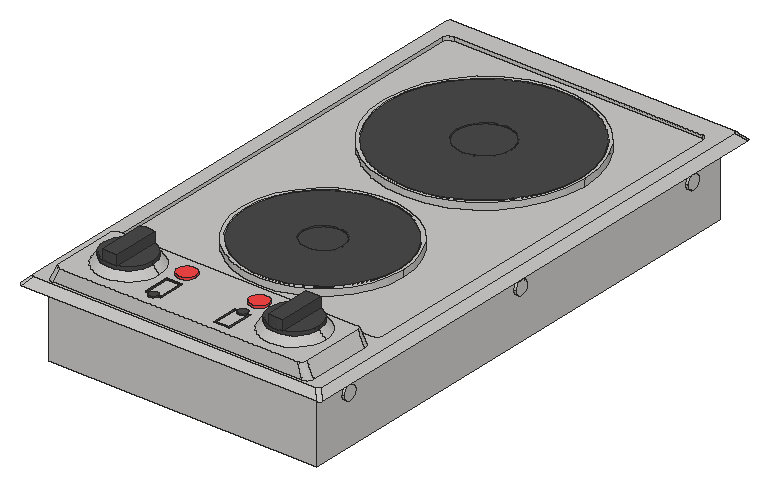
Revit family "QF_Summit_CSD2B115_Electric Cooktop", category Specialty Equipment, Revit 2020
Family settings
  Round Connector Dimension = Use Diameter
  Part Type = Normal
  Work Plane-Based = No
  Always vertical = Yes
  Cut with Voids When Loaded = No
  Shared = No
  Room Calculation Point = No
Parameters
  Weight in Pounds = 13
  Watts = Volts * FL Amps  # 1437.5 W
  Volts = 115 V
  URL Cutsheet = ""
  Specification by User = ""
  Specification by Manufacturer = ""
  Serial Number = ""
  Seismic Rating = ""
  SMACNA No = ""
  Revision Code = ""
  Phase = 1
  Number of Poles = 1
  NAFEM Spec ID Number = ""
  Model = "CSD2B115"
  Min Ckt Ampacity = 0 A
  Max Overcurrent Protection = 0 A
  Masterspec = ""
  Manufacturer = "Summit"
  Length = 11 1/4"
  Item Number = ""
  Installed By = ""
  Identify Quantity as Lot = yes
  Height = 4 1/8"
  HP = ""
  Furnished By = ""
  Foodservice Equipment Identifier = yes
  FL Amps = 12.5 A
  Electrical Remarks = ""
  Electric Connection Type = ""
  Elec Conn RI Height = 0"
  Elec Conn Connection Height = 0"
  Description = "Electric Cooktop"
  Depth = 20"
  Default Elevation = 0"
  Cycle = 60 Hz
  Conn Plug = ""
  Conn Conduit = yes
  CSI MasterFormat = ""
  Apparent Power = if(Phase = 3, Volts * FL Amps * 1.73, Volts * FL Amps)  # 1437.5 VA
Reference planes (in)
  plane 1 "BACK": y = 0
  plane 2: z = 0
  plane 3 "LEFT": x = 0
  plane 4 "RIGHT": x = 11.25
  plane 5 "FRONT": y = -20
  plane 6 "TOP": z = 4.125
  plane 7 "Center Y": x = 5.625
  plane 8 "Center X": y = -10
  plane 9: y = -0.625
  plane 10: y = -19.375
  plane 11: x = 11.25
  plane 12: x = 2.80748
  plane 13: x = 10.625
  plane 14: x = 0.625
  plane 15: x = 1.83357
  plane 16: x = 9.41643
  plane 17: z = 2.625
Forms (in)
  Extrusion 1, void
    sketch origin (-38.39759, -180, 2.875) x (-1, 0, 0) y (0, -1, 0)
      loop
        arc (-39.14759, -163.875) -> (-39.22082, -163.69822) -> (-39.39759, -163.625) r 0.25
        line (-39.39759, -163.625) -> (-48.64759, -163.625)
        arc (-48.64759, -163.625) -> (-48.82437, -163.69822) -> (-48.89759, -163.875) r 0.25
        line (-48.89759, -163.875) -> (-48.89759, -178.75)
        arc (-48.89759, -178.75) -> (-48.82437, -178.92678) -> (-48.64759, -179) r 0.25
        line (-48.64759, -179) -> (-39.39759, -179)
        arc (-39.39759, -179) -> (-39.22082, -178.92678) -> (-39.14759, -178.75) r 0.25
        line (-39.14759, -178.75) -> (-39.14759, -163.875)
    from 0 to -0.125
  Extrusion 2, solid, material "QF_Plastic_Black_Smooth"
    sketch origin (-38.39759, -180, 3.625) x (-1, 0, 0) y (0, -1, 0)
      loop
        circle (-40.92855, -161.9508) r 0.90881
    from 0 to 0.125
  Extrusion 3, solid, material "QF_Plastic_Black_Smooth"
    sketch origin (-38.39759, -180, 3.75) x (-1, 0, 0) y (0, -1, 0)
      loop
        line (-40.65528, -162.81756) -> (-40.65528, -161.08405)
        arc (-40.65528, -161.08405) -> (-40.92855, -161.04199) -> (-41.20182, -161.08405) r 0.90881
        line (-41.20182, -161.08405) -> (-41.20182, -162.81756)
        arc (-41.20182, -162.81756) -> (-40.92855, -162.85962) -> (-40.65528, -162.81756) r 0.90881
    from 0 to 0.375
  Extrusion 4, solid, material "QF_Metal_Stainless_Polished"
    sketch origin (-38.39759, -180, 2.75) x (-1, 0, 0) y (0, -1, 0)
      loop
        circle (-44.02259, -174.64564) r 3.75
      loop
        circle (-44.02259, -167.13475) r 3
      loop
        circle (-44.02259, -174.64564) r 3.625
      loop
        circle (-44.02259, -167.13475) r 2.875
    from 0 to 0.25
  Extrusion 5, solid, material "QF_Metal_Stainless_Polished"
    sketch origin (-5.14279, -0.625, 48.125) x (-1, 0, 0) y (0, 0, 1)
      loop
        circle (-13.41482, -46.96116) r 0.18801
    from 0 to 0.0625
  Blend 6, solid, material "QF_Metal_Stainless_Polished"
    base sketch origin (-38.39759, -180, 2.625) x (-1, 0, 0) y (0, -1, 0)
      loop
        line (-38.39759, -179.875) -> (-38.39759, -160.125)
        arc (-38.39759, -160.125) -> (-38.4342, -160.03661) -> (-38.52259, -160) r 0.125
        line (-38.52259, -160) -> (-49.52259, -160)
        arc (-49.52259, -160) -> (-49.61098, -160.03661) -> (-49.64759, -160.125) r 0.125
        line (-49.64759, -160.125) -> (-49.64759, -179.875)
        arc (-49.64759, -179.875) -> (-49.61098, -179.96339) -> (-49.52259, -180) r 0.125
        line (-49.52259, -180) -> (-38.52259, -180)
        arc (-38.52259, -180) -> (-38.4342, -179.96339) -> (-38.39759, -179.875) r 0.125
    top sketch origin (-38.39759, -180, 2.625) x (-1, 0, 0) y (0, -1, 0)
      loop
        line (-38.77259, -160.25) -> (-49.27259, -160.25)
        arc (-49.27259, -160.25) -> (-49.36098, -160.28661) -> (-49.39759, -160.375) r 0.125
        line (-49.39759, -160.375) -> (-49.39759, -179.625)
        arc (-49.39759, -179.625) -> (-49.36098, -179.71339) -> (-49.27259, -179.75) r 0.125
        line (-49.27259, -179.75) -> (-38.77259, -179.75)
        arc (-38.77259, -179.75) -> (-38.6842, -179.71339) -> (-38.64759, -179.625) r 0.125
        line (-38.64759, -179.625) -> (-38.64759, -160.375)
        arc (-38.64759, -160.375) -> (-38.6842, -160.28661) -> (-38.77259, -160.25) r 0.125
    from 0 to 0.25
  Blend 7, solid, material "QF_Metal_Stainless_Polished"
    base sketch origin (-38.39759, -180, 2.875) x (-1, 0, 0) y (0, -1, 0)
      loop
        line (-39.39759, -160.375) -> (-48.64759, -160.375)
        arc (-48.64759, -160.375) -> (-48.82437, -160.44822) -> (-48.89759, -160.625) r 0.25
        line (-48.89759, -160.625) -> (-48.89759, -163)
        arc (-48.89759, -163) -> (-48.82437, -163.17678) -> (-48.64759, -163.25) r 0.25
        line (-48.64759, -163.25) -> (-39.39759, -163.25)
        arc (-39.39759, -163.25) -> (-39.22082, -163.17678) -> (-39.14759, -163) r 0.25
        line (-39.14759, -163) -> (-39.14759, -160.625)
        arc (-39.14759, -160.625) -> (-39.22082, -160.44822) -> (-39.39759, -160.375) r 0.25
    top sketch origin (-38.39759, -180, 2.875) x (-1, 0, 0) y (0, -1, 0)
      loop
        line (-39.39759, -163) -> (-39.39759, -160.625)
        arc (-39.39759, -160.625) -> (-39.45251, -160.49242) -> (-39.58509, -160.4375) r 0.1875
        line (-39.58509, -160.4375) -> (-48.46009, -160.4375)
        arc (-48.46009, -160.4375) -> (-48.59268, -160.49242) -> (-48.64759, -160.625) r 0.1875
        line (-48.64759, -160.625) -> (-48.64759, -163)
        arc (-48.64759, -163) -> (-48.59268, -163.13258) -> (-48.46009, -163.1875) r 0.1875
        line (-48.46009, -163.1875) -> (-39.58509, -163.1875)
        arc (-39.58509, -163.1875) -> (-39.45251, -163.13258) -> (-39.39759, -163) r 0.1875
    from 0 to 0.5
  Blend 8, solid, material "QF_Metal_Stainless_Polished"
    base sketch origin (-38.39759, -180, 3.375) x (-1, 0, 0) y (0, -1, 0)
      loop
        circle (-40.92855, -161.9508) r 1.14914
    top sketch origin (-38.39759, -180, 3.375) x (-1, 0, 0) y (0, -1, 0)
      loop
        circle (-40.92855, -161.9508) r 0.90881
    from 0 to 0.25
  Extrusion 9, solid, material "QF_Plastic_Red_Smooth"
    sketch origin (-38.39759, -180, 3.375) x (-1, 0, 0) y (0, -1, 0)
      loop
        circle (-42.66909, -162.48957) r 0.3425
      loop
        circle (-45.3761, -162.48957) r 0.3425
    from 0 to 0.0625
  Extrusion 10, solid, material "QF_Plastic_Black_Smooth"
    sketch origin (-38.39759, -180, 3.375) x (-1, 0, 0) y (0, -1, 0)
      loop
        line (-42.40347, -161.90233) -> (-42.40347, -160.92437) -> (-42.51988, -160.92437)
        arc (-42.51988, -160.92437) -> (-42.68535, -160.7589) -> (-42.85082, -160.92437) r 0.16547
        line (-42.85082, -160.92437) -> (-42.96723, -160.92437) -> (-42.96723, -161.90233) -> (-42.40347, -161.90233)
      loop
        line (-42.43472, -160.95562) -> (-42.52286, -160.95562)
        arc (-42.52286, -160.95562) -> (-42.68535, -161.08983) -> (-42.84784, -160.95562) r 0.16547
        line (-42.84784, -160.95562) -> (-42.93598, -160.95562) -> (-42.93598, -161.87108) -> (-42.43472, -161.87108) -> (-42.43472, -160.95562)
      loop
        line (-45.07795, -160.7589) -> (-45.64172, -160.7589) -> (-45.64172, -161.73687) -> (-45.5253, -161.73687)
        arc (-45.5253, -161.73687) -> (-45.35983, -161.90233) -> (-45.19437, -161.73687) r 0.16547
        line (-45.19437, -161.73687) -> (-45.07795, -161.73687) -> (-45.07795, -160.7589)
      loop
        line (-45.1092, -161.70562) -> (-45.1092, -160.79015) -> (-45.61047, -160.79015) -> (-45.61047, -161.70562) -> (-45.52232, -161.70562)
        arc (-45.52232, -161.70562) -> (-45.35983, -161.5714) -> (-45.19735, -161.70562) r 0.16547
        line (-45.19735, -161.70562) -> (-45.1092, -161.70562)
    from 0 to 0.01563
  Extrusion 11, solid, material "QF_Plastic_Black_Smooth"
    sketch origin (49.64759, -180, 3.625) x (1, 0, 0) y (0, 1, 0)
      loop
        circle (-40.92855, 161.9508) r 0.90881
    from 0 to 0.125
  Extrusion 12, solid, material "QF_Plastic_Black_Smooth"
    sketch origin (49.64759, -180, 3.75) x (1, 0, 0) y (0, 1, 0)
      loop
        arc (-40.65528, 162.81756) -> (-40.92855, 162.85962) -> (-41.20182, 162.81756) r 0.90881
        line (-41.20182, 162.81756) -> (-41.20182, 161.08405)
        arc (-41.20182, 161.08405) -> (-40.92855, 161.04199) -> (-40.65528, 161.08405) r 0.90881
        line (-40.65528, 161.08405) -> (-40.65528, 162.81756)
    from 0 to 0.375
  Blend 13, solid, material "QF_Metal_Stainless_Polished"
    base sketch origin (49.64759, -180, 3.375) x (1, 0, 0) y (0, 1, 0)
      loop
        circle (-40.92855, 161.9508) r 1.14914
    top sketch origin (49.64759, -180, 3.375) x (1, 0, 0) y (0, 1, 0)
      loop
        circle (-40.92855, 161.9508) r 0.90881
    from 0 to 0.25
  Extrusion 14, solid, material "QF_Metal_Stainless_Polished"
    sketch origin (-38.39759, -180, 2.625) x (-1, 0, 0) y (0, -1, 0)
      loop
        line (-39.02259, -160.625) -> (-49.02259, -160.625) -> (-49.02259, -179.375) -> (-39.02259, -179.375) -> (-39.02259, -160.625)
    from 0 to -2.625
  Extrusion 15, solid, material "QF_Plastic_Black_Smooth"
    sketch origin (-38.39759, -180, 2.75) x (-1, 0, 0) y (0, -1, 0)
      loop
        circle (-44.02259, -174.64564) r 3.625
      loop
        circle (-44.02259, -167.13475) r 2.875
      loop
        circle (-44.02259, -174.64564) r 1
      loop
        circle (-44.02259, -167.13475) r 0.75
    from 0 to 0.25
  Extrusion 16, solid, material "QF_Plastic_Black_Smooth"
    sketch origin (-38.39759, -180, 2.75) x (-1, 0, 0) y (0, -1, 0)
      loop
        circle (-44.02259, -174.64564) r 1
      loop
        circle (-44.02259, -167.13475) r 0.75
    from 0 to 0.22698
  Extrusion 17, solid, material "QF_Metal_Stainless_Polished"
    sketch origin (0.625, -0.625, 2.625) x (0, -1, 0) y (0, 0, 1)
      loop
        circle (9.375, -0.72572) r 0.25
    from 0 to 0.125
  Extrusion 18, solid, material "QF_Metal_Stainless_Polished"
    sketch origin (0.625, -0.625, 2.625) x (0, -1, 0) y (0, 0, 1)
      loop
        circle (1.375, -0.72572) r 0.25
    from 0 to 0.125
  Extrusion 19, solid, material "QF_Metal_Stainless_Polished"
    sketch origin (0.625, -19.375, 2.625) x (0, 1, 0) y (0, 0, -1)
      loop
        circle (1.375, 0.72572) r 0.25
    from 0 to 0.125
  Extrusion 20, solid, material "QF_Metal_Stainless_Polished"
    sketch origin (10.625, -0.625, 2.625) x (0, -1, 0) y (0, 0, -1)
      loop
        circle (9.375, 0.72572) r 0.25
    from 0 to 0.125
  Extrusion 21, solid, material "QF_Metal_Stainless_Polished"
    sketch origin (10.625, -0.625, 2.625) x (0, -1, 0) y (0, 0, -1)
      loop
        circle (1.375, 0.72572) r 0.25
    from 0 to 0.125
  Extrusion 22, solid, material "QF_Metal_Stainless_Polished"
    sketch origin (10.625, -19.375, 2.625) x (0, 1, 0) y (0, 0, 1)
      loop
        circle (1.375, -0.72572) r 0.25
    from 0 to 0.125
Cuts and joins
  Extrusion 1 cuts Blend 6
Lines and regions (in)
  symbolic lines
    curve 1: line (0, -19.875, 4.375) -> (0, -0.125, 4.375)
    curve 2: arc (0, -0.125, 4.375) -> (0.03661, -0.03661, 4.375) -> (0.125, 0, 4.375) r 0.125
    curve 3: line (0.125, 0, 4.375) -> (11.125, 0, 4.375)
    curve 4: arc (11.125, 0, 4.375) -> (11.21339, -0.03661, 4.375) -> (11.25, -0.125, 4.375) r 0.125
    curve 5: line (11.25, -0.125, 4.375) -> (11.25, -19.875, 4.375)
    curve 6: arc (11.25, -19.875, 4.375) -> (11.21339, -19.96339, 4.375) -> (11.125, -20, 4.375) r 0.125
    curve 7: line (11.125, -20, 4.375) -> (0.125, -20, 4.375)
    curve 8: arc (0.125, -20, 4.375) -> (0.03661, -19.96339, 4.375) -> (0, -19.875, 4.375) r 0.125
    curve 9: line (10.875, -0.25, 4.375) -> (0.375, -0.25, 4.375)
    curve 10: arc (0.375, -0.25, 4.375) -> (0.28661, -0.28661, 4.375) -> (0.25, -0.375, 4.375) r 0.125
    curve 11: line (0.25, -0.375, 4.375) -> (0.25, -19.625, 4.375)
    curve 12: arc (0.25, -19.625, 4.375) -> (0.28661, -19.71339, 4.375) -> (0.375, -19.75, 4.375) r 0.125
    curve 13: line (0.375, -19.75, 4.375) -> (10.875, -19.75, 4.375)
    curve 14: arc (10.875, -19.75, 4.375) -> (10.96339, -19.71339, 4.375) -> (11, -19.625, 4.375) r 0.125
    curve 15: line (11, -19.625, 4.375) -> (11, -0.375, 4.375)
    curve 16: arc (11, -0.375, 4.375) -> (10.96339, -0.28661, 4.375) -> (10.875, -0.25, 4.375) r 0.125
    curve 17: line (0.75, -19.375, 4.375) -> (0.75, -17, 4.375)
    curve 18: arc (0.75, -17, 4.375) -> (0.82322, -16.82322, 4.375) -> (1, -16.75, 4.375) r 0.25
    curve 19: line (1, -16.75, 4.375) -> (10.25, -16.75, 4.375)
    curve 20: arc (10.25, -16.75, 4.375) -> (10.42678, -16.82322, 4.375) -> (10.5, -17, 4.375) r 0.25
    curve 21: line (10.5, -17, 4.375) -> (10.5, -19.375, 4.375)
    curve 22: arc (10.5, -19.375, 4.375) -> (10.42678, -19.55178, 4.375) -> (10.25, -19.625, 4.375) r 0.25
    curve 23: line (10.25, -19.625, 4.375) -> (1, -19.625, 4.375)
    curve 24: arc (1, -19.625, 4.375) -> (0.82322, -19.55178, 4.375) -> (0.75, -19.375, 4.375) r 0.25
    curve 25: line (1, -17, 4.375) -> (1, -19.375, 4.375)
    curve 26: arc (1, -19.375, 4.375) -> (1.05492, -19.50758, 4.375) -> (1.1875, -19.5625, 4.375) r 0.1875
    curve 27: line (1.1875, -19.5625, 4.375) -> (10.0625, -19.5625, 4.375)
    curve 28: arc (10.0625, -19.5625, 4.375) -> (10.19508, -19.50758, 4.375) -> (10.25, -19.375, 4.375) r 0.1875
    curve 29: line (10.25, -19.375, 4.375) -> (10.25, -17, 4.375)
    curve 30: arc (10.25, -17, 4.375) -> (10.19508, -16.86742, 4.375) -> (10.0625, -16.8125, 4.375) r 0.1875
    curve 31: line (10.0625, -16.8125, 4.375) -> (1.1875, -16.8125, 4.375)
    curve 32: arc (1.1875, -16.8125, 4.375) -> (1.05492, -16.86742, 4.375) -> (1, -17, 4.375) r 0.1875
    curve 33: arc (1.38182, -18.0492, 4.375) -> (2.53096, -16.90006, 4.375) -> (3.6801, -18.0492, 4.375) r 1.14914
    curve 34: arc (3.6801, -18.0492, 4.375) -> (2.53096, -19.19833, 4.375) -> (1.38182, -18.0492, 4.375) r 1.14914
    curve 35: arc (1.62215, -18.0492, 4.375) -> (2.53096, -18.95801, 4.375) -> (3.43977, -18.0492, 4.375) r 0.90881
    curve 36: arc (3.43977, -18.0492, 4.375) -> (2.53096, -17.14038, 4.375) -> (1.62215, -18.0492, 4.375) r 0.90881
    curve 37: line (2.25769, -17.18244, 4.375) -> (2.25769, -18.91595, 4.375)
    curve 38: line (2.80423, -18.91595, 4.375) -> (2.80423, -17.18244, 4.375)
    curve 39: arc (4.61399, -17.51043, 4.375) -> (4.2715, -17.16793, 4.375) -> (3.929, -17.51043, 4.375) r 0.3425
    curve 40: arc (3.929, -17.51043, 4.375) -> (4.2715, -17.85292, 4.375) -> (4.61399, -17.51043, 4.375) r 0.3425
    curve 41: line (4.00587, -18.09767, 4.375) -> (4.00587, -19.07563, 4.375)
    curve 42: line (4.00587, -19.07563, 4.375) -> (4.12229, -19.07563, 4.375)
    curve 43: arc (4.12229, -19.07563, 4.375) -> (4.28776, -19.2411, 4.375) -> (4.45323, -19.07563, 4.375) r 0.16547
    curve 44: line (4.45323, -19.07563, 4.375) -> (4.56964, -19.07563, 4.375)
    curve 45: line (4.56964, -19.07563, 4.375) -> (4.56964, -18.09767, 4.375)
    curve 46: line (4.56964, -18.09767, 4.375) -> (4.00587, -18.09767, 4.375)
    curve 47: arc (4.45025, -19.04438, 4.375) -> (4.28776, -18.91017, 4.375) -> (4.12527, -19.04438, 4.375) r 0.16547
    curve 48: line (4.12527, -19.04438, 4.375) -> (4.03712, -19.04438, 4.375)
    curve 49: line (4.03712, -19.04438, 4.375) -> (4.03712, -18.12892, 4.375)
    curve 50: line (4.03712, -18.12892, 4.375) -> (4.53839, -18.12892, 4.375)
    curve 51: line (4.53839, -18.12892, 4.375) -> (4.53839, -19.04438, 4.375)
    curve 52: line (4.53839, -19.04438, 4.375) -> (4.45025, -19.04438, 4.375)
    curve 53: line (6.71161, -19.20985, 4.375) -> (6.71161, -18.29438, 4.375)
    curve 54: line (6.71161, -18.29438, 4.375) -> (6.79975, -18.29438, 4.375)
    curve 55: arc (6.79975, -18.29438, 4.375) -> (6.96224, -18.4286, 4.375) -> (7.12473, -18.29438, 4.375) r 0.16547
    curve 56: line (7.12473, -18.29438, 4.375) -> (7.21288, -18.29438, 4.375)
    curve 57: line (7.21288, -18.29438, 4.375) -> (7.21288, -19.20985, 4.375)
    curve 58: line (7.21288, -19.20985, 4.375) -> (6.71161, -19.20985, 4.375)
    curve 59: line (6.68036, -18.26313, 4.375) -> (6.68036, -19.2411, 4.375)
    curve 60: line (6.68036, -19.2411, 4.375) -> (7.24413, -19.2411, 4.375)
    curve 61: line (7.24413, -19.2411, 4.375) -> (7.24413, -18.26313, 4.375)
    curve 62: line (7.24413, -18.26313, 4.375) -> (7.12771, -18.26313, 4.375)
    curve 63: arc (7.12771, -18.26313, 4.375) -> (6.96224, -18.09767, 4.375) -> (6.79677, -18.26313, 4.375) r 0.16547
    curve 64: line (6.79677, -18.26313, 4.375) -> (6.68036, -18.26313, 4.375)
    curve 65: arc (6.63601, -17.51043, 4.375) -> (6.9785, -17.85292, 4.375) -> (7.321, -17.51043, 4.375) r 0.3425
    curve 66: arc (7.321, -17.51043, 4.375) -> (6.9785, -17.16793, 4.375) -> (6.63601, -17.51043, 4.375) r 0.3425
    curve 67: arc (7.5699, -18.0492, 4.375) -> (8.71904, -16.90006, 4.375) -> (9.86818, -18.0492, 4.375) r 1.14914
    curve 68: arc (9.86818, -18.0492, 4.375) -> (8.71904, -19.19833, 4.375) -> (7.5699, -18.0492, 4.375) r 1.14914
    curve 69: arc (7.81023, -18.0492, 4.375) -> (8.71904, -18.95801, 4.375) -> (9.62785, -18.0492, 4.375) r 0.90881
    curve 70: arc (9.62785, -18.0492, 4.375) -> (8.71904, -17.14038, 4.375) -> (7.81023, -18.0492, 4.375) r 0.90881
    curve 71: line (8.44577, -17.18244, 4.375) -> (8.44577, -18.91595, 4.375)
    curve 72: line (8.99231, -18.91595, 4.375) -> (8.99231, -17.18244, 4.375)
    curve 73: line (0.75, -1.25, 4.375) -> (0.75, -16.125, 4.375)
    curve 74: arc (0.75, -16.125, 4.375) -> (0.82322, -16.30178, 4.375) -> (1, -16.375, 4.375) r 0.25
    curve 75: line (1, -16.375, 4.375) -> (10.25, -16.375, 4.375)
    curve 76: arc (10.25, -16.375, 4.375) -> (10.42678, -16.30178, 4.375) -> (10.5, -16.125, 4.375) r 0.25
    curve 77: line (10.5, -16.125, 4.375) -> (10.5, -1.25, 4.375)
    curve 78: arc (10.5, -1.25, 4.375) -> (10.42678, -1.07322, 4.375) -> (10.25, -1, 4.375) r 0.25
    curve 79: line (10.25, -1, 4.375) -> (1, -1, 4.375)
    curve 80: arc (1, -1, 4.375) -> (0.82322, -1.07322, 4.375) -> (0.75, -1.25, 4.375) r 0.25
    curve 81: arc (9.375, -5.35436, 4.375) -> (5.625, -1.60436, 4.375) -> (1.875, -5.35436, 4.375) r 3.75
    curve 82: arc (9.25, -5.35436, 4.375) -> (5.625, -1.72936, 4.375) -> (2, -5.35436, 4.375) r 3.625
    curve 83: arc (1.875, -5.35436, 4.375) -> (5.625, -9.10436, 4.375) -> (9.375, -5.35436, 4.375) r 3.75
    curve 84: arc (2, -5.35436, 4.375) -> (5.625, -8.97936, 4.375) -> (9.25, -5.35436, 4.375) r 3.625
    curve 85: arc (8.625, -12.86525, 4.375) -> (5.625, -9.86525, 4.375) -> (2.625, -12.86525, 4.375) r 3
    curve 86: arc (8.5, -12.86525, 4.375) -> (5.625, -9.99025, 4.375) -> (2.75, -12.86525, 4.375) r 2.875
    curve 87: arc (2.75, -12.86525, 4.375) -> (5.625, -15.74025, 4.375) -> (8.5, -12.86525, 4.375) r 2.875
    curve 88: arc (2.625, -12.86525, 4.375) -> (5.625, -15.86525, 4.375) -> (8.625, -12.86525, 4.375) r 3
    curve 89: arc (6.375, -12.86525, 4.375) -> (5.625, -13.61525, 4.375) -> (4.875, -12.86525, 4.375) r 0.75
    curve 90: arc (4.875, -12.86525, 4.375) -> (5.625, -12.11525, 4.375) -> (6.375, -12.86525, 4.375) r 0.75
    curve 91: arc (4.625, -5.35436, 4.375) -> (5.625, -4.35436, 4.375) -> (6.625, -5.35436, 4.375) r 1
    curve 92: arc (6.625, -5.35436, 4.375) -> (5.625, -6.35436, 4.375) -> (4.625, -5.35436, 4.375) r 1
Dimensions and locks (in)
  equal spacing: plane 3 "LEFT", plane 7 "Center Y", plane 4 "RIGHT"
  "Length": plane 3 "LEFT" to plane 4 "RIGHT"
  equal spacing: plane 5 "FRONT", plane 8 "Center X", plane 1 "BACK"
  "Depth": plane 5 "FRONT" to plane 1 "BACK"
  "Height": plane 6 "TOP" to level
  plane 9 to plane 1 "BACK" = 5/8"
  plane 5 "FRONT" to plane 10 = 5/8"
  plane 9 to plane 10 = 18 3/4"
  plane 4 "RIGHT" to plane 3 "LEFT" = 11 1/4"
  plane 14 to plane 13 = 10"
  plane 17 to plane 2 = 2 5/8"
  plane 6 "TOP" to plane 17 = 1 1/2"
  Extrusion 19 to Extrusion 22 = 10 1/4"
  aligned and locked: level to plane 2
Automatic sketch dimensions
  curve 33 to curve 35 = 0"  (x3)
  curve 43 to curve 47 = 0"  (x2)
  curve 55 to curve 63 = 0"  (x3)
  curve 67 to curve 69 = 0"  (x2)
  curve 67 to curve 70 = 0"  (x2)
  curve 81 to curve 82 = 0"  (x2)
  curve 85 to curve 90 = 0"
  curve 86 to curve 88 = 0"
  curve 87 to curve 88 = 0"
  curve 88 to curve 90 = 0"
  curve 5 to plane 4 "RIGHT" = 0"
  plane 5 "FRONT" to curve 6 = 0"
  plane 1 "BACK" to curve 3 = 0"
  plane 10 to curve 21 = 0"
  plane 10 to curve 28 = 0"
  curve 90 to plane 7 "Center Y" = 0"
  plane 10 to curve 26 = 0"
  plane 10 to curve 24 = 0"
  curve 8 to plane 3 "LEFT" = 0"
  plane 4 "RIGHT" to curve 3 = 1/8"
  plane 4 "RIGHT" to curve 7 = 1/8"
  plane 4 "RIGHT" to curve 15 = 1/4"
  curve 16 to curve 9 = 1/8"
  curve 14 to curve 14 = 1/8"
  plane 13 to curve 21 = 1/8"
  plane 13 to curve 77 = 1/8"
  curve 78 to curve 78 = 1/4"
  curve 20 to curve 19 = 1/4"
  curve 29 to curve 20 = 0"
  curve 22 to curve 29 = 0"
  curve 77 to curve 76 = 1/4"
  curve 20 to curve 31 = 3/16"
  plane 10 to curve 27 = 3/16"
  curve 68 to plane 16 = 0.69739"
  curve 69 to curve 61 = 1.47492"
  curve 61 to curve 56 = 1/32"
  curve 56 to curve 62 = 0.08517"
  curve 63 to curve 56 = 0.00298"
  curve 62 to curve 66 = 0.1492"
  curve 56 to curve 55 = 0.16249"
  curve 54 to curve 64 = 0.00298"
  curve 58 to plane 10 = 0.16515"
  curve 57 to curve 58 = 0.50127"
  curve 53 to curve 59 = 1/32"
  curve 46 to plane 7 "Center Y" = 1.05536"
  curve 44 to curve 52 = 1/32"
  curve 51 to curve 44 = 0.08517"
  curve 43 to curve 52 = 0.00298"
  curve 47 to curve 47 = 0.16249"
  curve 45 to curve 39 = 0.29815"
  curve 48 to curve 43 = 0.00298"
  curve 47 to curve 48 = 0.08814"
  curve 49 to curve 41 = 1/32"
  plane 12 to curve 35 = 0.27652"
  curve 32 to plane 14 = 9/16"
  curve 27 to plane 14 = 9/16"
  curve 79 to plane 14 = 3/8"
  curve 24 to curve 25 = 0"
  curve 75 to plane 14 = 3/8"
  curve 32 to curve 19 = 3/16"
  curve 73 to plane 14 = 1/8"
  plane 14 to curve 13 = 1/4"
  plane 14 to curve 9 = 1/4"
  curve 10 to curve 11 = 1/8"
  curve 8 to curve 8 = 1/8"
  plane 1 "BACK" to curve 2 = 1/8"
  plane 1 "BACK" to curve 9 = 1/4"
  curve 79 to plane 9 = 3/8"
  curve 86 to plane 8 "Center X" = 2.86525"
  curve 75 to curve 19 = 3/8"
  curve 20 to curve 31 = 1/16"
  curve 41 to curve 49 = 1/32"
  curve 59 to curve 53 = 1/32"
  curve 48 to plane 10 = 0.33062"
  curve 51 to curve 45 = 1/32"
  curve 53 to curve 60 = 1/32"
  plane 10 to curve 15 = 1/4"
  plane 16 to curve 67 = 0.45175"
  plane 16 to curve 70 = 0.21142"
  curve 81 to plane 16 = 0.04143"
  curve 81 to curve 82 = 1/8"
  curve 72 to plane 16 = 0.42412"
  curve 85 to plane 16 = 0.79143"
  curve 85 to curve 87 = 1/8"
  curve 71 to plane 10 = 0.45905"
  curve 66 to curve 65 = 0.3425"
  curve 90 to curve 85 = 3/4"
  curve 40 to curve 39 = 0.3425"
  curve 41 to curve 33 = 0.32578"
  curve 33 to curve 35 = 0.24033"
  plane 12 to curve 38 = 0.00325"
  curve 37 to plane 15 = 0.42412"
  Extrusion 1 sketch curve to Blend 6 = 1/2"
  Extrusion 1 sketch curve to Extrusion 1 sketch curve = 1/4"  (x3)
  Extrusion 1 sketch curve to Blend 6 = 3/4"  (x3)
  Extrusion 1 sketch curve to Blend 6 = 3 5/8"
  Extrusion 3 sketch curve to Extrusion 3 sketch curve = 0.27327"
  Extrusion 3 sketch curve to Extrusion 3 sketch curve = 0.54654"
  Extrusion 4 sketch curve to Extrusion 4 sketch curve = 0"  (x4)
  Extrusion 4 sketch curve to Extrusion 1 = 4 7/8"  (x2)
  Extrusion 4 sketch curve to Extrusion 1 = 4.35436"
  Extrusion 4 sketch curve to Extrusion 1 = 3.50975"
  Extrusion 5 sketch curve to plane 16 = 1.1444"
  level to Extrusion 5 sketch curve = 1.16384"
  Blend 6 sketch curve to plane 4 "RIGHT" = 0"
  plane 1 "BACK" to Blend 6 sketch curve = 0"
  plane 5 "FRONT" to Blend 6 sketch curve = 0"
  Blend 6 sketch curve to plane 3 "LEFT" = 0"
  Blend 6 sketch curve to Blend 6 sketch curve = 1/8"  (x5)
  plane 4 "RIGHT" to Blend 6 sketch curve = 1/8"
  plane 1 "BACK" to Blend 6 sketch curve = 1/8"
  plane 4 "RIGHT" to Blend 6 sketch curve = 1/4"
  plane 14 to Blend 6 sketch curve = 1/4"  (x2)
  plane 1 "BACK" to Blend 6 sketch curve = 1/4"
  plane 10 to Blend 6 sketch curve = 1/4"
  Blend 7 sketch curve to Blend 6 = 1/2"
  Blend 7 sketch curve to Blend 7 sketch curve = 1/4"  (x3)
  Blend 7 sketch curve to Blend 6 = 3/4"  (x3)
  Blend 7 sketch curve to Blend 6 = 3"
  Blend 7 sketch curve to Blend 6 = 3/8"  (x2)
  Blend 7 sketch curve to Blend 7 sketch curve = 3/16"  (x3)
  Blend 7 sketch curve to Blend 6 = 15/16"  (x2)
  Blend 7 sketch curve to Blend 7 sketch curve = 2 3/8"
  Blend 8 sketch curve to Blend 7 = 1.53096"  (x2)
  Blend 8 sketch curve to Blend 7 = 1.2367"  (x2)
  Extrusion 9 sketch curve to Blend 7 = 0.69793"  (x2)
  Extrusion 9 sketch curve to Blend 7 = 3.2715"
  Extrusion 9 sketch curve to Extrusion 9 sketch curve = 2.70701"
  Extrusion 10 sketch curve to Extrusion 10 sketch curve = 0"  (x4)
  Extrusion 10 sketch curve to Blend 7 = 1.29937"
  Extrusion 10 sketch curve to Blend 7 = 3.00587"
  Extrusion 10 sketch curve to Extrusion 10 sketch curve = 1/32"  (x8)
  Extrusion 10 sketch curve to Extrusion 10 sketch curve = 0.08517"  (x2)
  Extrusion 10 sketch curve to Extrusion 10 sketch curve = 0.00298"  (x4)
  Extrusion 10 sketch curve to Extrusion 10 sketch curve = 0.16547"
  Extrusion 10 sketch curve to Extrusion 10 sketch curve = 0.08814"  (x2)
  Extrusion 10 sketch curve to Blend 7 = 0.48687"
  Extrusion 10 sketch curve to Extrusion 10 sketch curve = 2.11072"
  Extrusion 10 sketch curve to Extrusion 10 sketch curve = 0.16249"
  Extrusion 10 sketch curve to Extrusion 10 sketch curve = 0.94671"
  Extrusion 10 sketch curve to Blend 7 = 0.35265"
  Extrusion 12 sketch curve to Extrusion 12 sketch curve = 0.27327"
  Extrusion 12 sketch curve to Extrusion 12 sketch curve = 0.54654"
  Blend 13 sketch curve to Blend 7 = 1.53096"  (x2)
  Blend 13 sketch curve to Blend 7 = 1.2367"  (x2)
  plane 10 to Extrusion 14 sketch curve = 0"
  Extrusion 14 sketch curve to plane 13 = 0"
  Extrusion 14 sketch curve to plane 9 = 0"
  Extrusion 14 sketch curve to plane 14 = 0"
  Extrusion 15 sketch curve to Extrusion 15 sketch curve = 0"  (x12)
  Extrusion 15 sketch curve to Extrusion 1 = 4 7/8"  (x2)
  Extrusion 15 sketch curve to Extrusion 1 = 4.35436"
  Extrusion 15 sketch curve to Extrusion 1 = 3.50975"
  Extrusion 15 sketch curve to Extrusion 1 = 2"
  Extrusion 15 sketch curve to Extrusion 1 = 1 1/4"
  Extrusion 14 to Extrusion 17 sketch curve = 0.72572"
  Extrusion 14 to Extrusion 17 sketch curve = 9 3/8"
  Extrusion 14 to Extrusion 18 sketch curve = 1 3/8"
  Extrusion 14 to Extrusion 18 sketch curve = 0.72572"
  Extrusion 19 sketch curve to Extrusion 14 = 1 3/8"
  Extrusion 14 to Extrusion 19 sketch curve = 0.72572"
  Extrusion 20 sketch curve to plane 8 "Center X" = 0"
  Extrusion 20 sketch curve to plane 17 = 0.72572"
  Extrusion 21 sketch curve to plane 17 = 0.72572"
  Extrusion 22 sketch curve to plane 17 = 0.72572"
  curve 81 to plane 7 "Center Y" = 0"
  Extrusion 16 sketch curve to Extrusion 16 sketch curve = 0"  (x2)
  Extrusion 16 sketch curve to Extrusion 1 = 4 7/8"  (x2)
  Extrusion 16 sketch curve to Extrusion 1 = 4.35436"
  Extrusion 16 sketch curve to Extrusion 1 = 3.50975"
  Extrusion 16 sketch curve to Extrusion 16 sketch curve = 3/4"
  curve 81 to curve 91 = 0"
  curve 91 to curve 81 = 1"
  curve 81 to curve 92 = 0"
  plane 8 "Center X" to curve 81 = 4.64564"
  Extrusion 21 sketch curve to plane 9 = 1 3/8"
  curve 33 to curve 34 = 0"
  curve 33 to curve 36 = 0"
  curve 34 to curve 35 = 0"
  curve 34 to curve 36 = 0"
  curve 35 to curve 36 = 0"
  curve 39 to curve 40 = 0"
  curve 65 to curve 66 = 0"
  curve 67 to curve 68 = 0"
  curve 68 to curve 69 = 0"
  curve 68 to curve 70 = 0"
  curve 69 to curve 70 = 0"
  curve 76 to curve 28 = 3 1/4"
  curve 40 to curve 47 = 1.53396"
  curve 66 to curve 57 = 1.69942"
  curve 70 to curve 71 = 0.86675"
  curve 36 to plane 10 = 1.3258"
  curve 40 to curve 46 = 0.58724"
  curve 65 to curve 59 = 0.75271"
  Extrusion 22 sketch curve to plane 10 = 1 3/8"
  radius of Extrusion 2 sketch curve to Blend 8 = 0"
  radius of Extrusion 3 sketch curve to Extrusion 2 = 0"  (x2)
  radius of Extrusion 4 sketch curve = 3 3/4"
  radius of Extrusion 4 sketch curve = 3"
  radius of Extrusion 4 sketch curve = 3 5/8"
  radius of Extrusion 4 sketch curve = 2 7/8"
  radius of Extrusion 5 sketch curve = 0.18801"
  radius of Blend 8 sketch curve = 1.14914"
  radius of Blend 8 sketch curve = 0.90881"
  radius of Extrusion 9 sketch curve = 0.3425"  (x2)
  radius of Extrusion 11 sketch curve to Blend 13 = 0"
  radius of Extrusion 12 sketch curve to Extrusion 11 = 0"  (x2)
  radius of Blend 13 sketch curve = 1.14914"
  radius of Blend 13 sketch curve = 0.90881"
  radius of Extrusion 15 sketch curve = 1"
  radius of Extrusion 15 sketch curve = 3/4"
  radius of Extrusion 17 sketch curve = 1/4"
  radius of Extrusion 18 sketch curve = 1/4"
  radius of Extrusion 19 sketch curve = 1/4"
  radius of Extrusion 20 sketch curve = 1/4"
  radius of Extrusion 21 sketch curve = 1/4"
  radius of Extrusion 22 sketch curve = 1/4"
  radius of Extrusion 16 sketch curve = 1"
Connectors (in)
  electrical at (8.27203, -0.5625, 1.16384), driven by "Volts", driven by "Watts"
    settings: on Extrusion 5, index 1, voltage 115 V, apparent load 1437.5 VA, apparent load phase1 0 VA, apparent load phase2 0 VA, apparent load phase3 0 VA, power factor 1, load classification "Other", number of poles 1, system type 30, power factor state 1, is connector primary yes, connector utility no, sub classification motor no, connector description "Electrical Connection"
